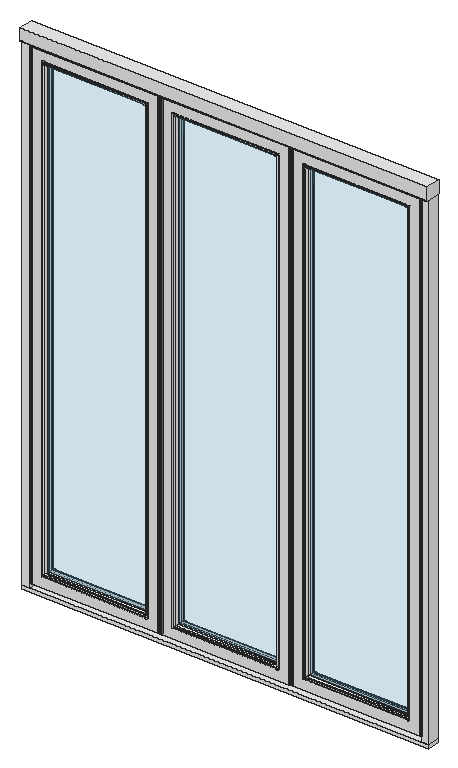
Revit family "Window-NanaWall-WA-67", category Windows, host Wall, Revit 2013 (continued)
Definition of nested family "Sill_WA-67"
  Definition of nested family "Sill_Nana_Walls-WD-67"
    Lines and regions (in)
      model lines, style "DetailComponents", in view "Ref. Level"
        curve 8: arc (-1.3189, 2.51969, 0) -> (-1.43025, 2.47356, 0) -> (-1.47638, 2.3622, 0) r 0.15748
        curve 9: arc (-1.29921, 2.5, 0) -> (-1.30498, 2.51392, 0) -> (-1.3189, 2.51969, 0) r 0.01969
        curve 10: arc (-1.39764, 1.10236, 0) -> (-1.36304, 1.01885, 0) -> (-1.27953, 0.98425, 0) r 0.11811
        curve 11: arc (-0.33465, 1.53543, 0) -> (-0.37402, 1.5748, 0) -> (-0.41339, 1.53543, 0) r 0.03937
        curve 12: line (0.35433, 0.56774, 0) -> (0.45276, 0.5315, 0)
        curve 13: line (0.45276, 0.5315, 0) -> (0.45276, 0.72047, 0)
        curve 14: line (0.45276, 0.72047, 0) -> (0.33517, 0.65354, 0)
        curve 15: line (0.33517, 0.65354, 0) -> (0.05906, 0.65354, 0)
        curve 16: line (0.05906, 0.65354, 0) -> (-0.21706, 0.65354, 0)
        curve 17: line (-0.21706, 0.65354, 0) -> (-0.33465, 0.72047, 0)
        curve 18: line (-0.33465, 0.72047, 0) -> (-0.33465, 0.5315, 0)
        curve 19: line (-0.33465, 0.5315, 0) -> (-0.23622, 0.56774, 0)
        curve 20: line (-0.23622, 0.56774, 0) -> (-0.21706, 0.5748, 0)
        curve 21: line (-0.21706, 0.5748, 0) -> (0.05906, 0.5748, 0)
        curve 22: line (0.05906, 0.5748, 0) -> (0.33517, 0.5748, 0)
        curve 23: line (0.33517, 0.5748, 0) -> (0.35433, 0.56774, 0)
        curve 24: line (0.35433, 0.56774, 0) -> (0.35433, 0.45276, 0)
        curve 25: line (0.35433, 0.45276, 0) -> (0.45276, 0.45276, 0)
        curve 26: line (0.45276, 0.45276, 0) -> (0.45276, 0.33465, 0)
        curve 27: line (0.45276, 0.33465, 0) -> (0.35433, 0.33465, 0)
        curve 28: line (0.35433, 0.33465, 0) -> (0.35433, 0.21966, 0)
        curve 29: line (0.35433, 0.21966, 0) -> (0.33517, 0.2126, 0)
        curve 30: line (0.33517, 0.2126, 0) -> (0.05906, 0.2126, 0)
        curve 31: line (0.05906, 0.2126, 0) -> (-0.21706, 0.2126, 0)
        curve 32: line (-0.21706, 0.2126, 0) -> (-0.23622, 0.21966, 0)
        curve 33: line (-0.23622, 0.21966, 0) -> (-0.33465, 0.25591, 0)
        curve 34: line (-0.33465, 0.25591, 0) -> (-0.33465, 0.06693, 0)
        curve 35: line (-0.33465, 0.06693, 0) -> (-0.21706, 0.13386, 0)
        curve 36: line (-0.21706, 0.13386, 0) -> (0.05906, 0.13386, 0)
        curve 37: line (0.05906, 0.13386, 0) -> (0.33517, 0.13386, 0)
        curve 38: line (0.33517, 0.13386, 0) -> (0.3532, 0.12359, 0)
        curve 39: line (0.3532, 0.12359, 0) -> (0.36402, 0, 0)
        curve 40: line (0.36402, 0, 0) -> (0.5315, 0, 0)
        curve 41: line (0.5315, 0, 0) -> (0.5315, 0.18898, 0)
        curve 42: line (0.5315, 0.18898, 0) -> (0.72835, 0.18898, 0)
        curve 43: line (0.72835, 0.18898, 0) -> (0.72835, 0, 0)
        curve 44: line (0.72835, 0, 0) -> (0.86614, 0, 0)
        curve 45: line (0.86614, 0, 0) -> (0.86614, 0.05906, 0)
        curve 46: line (0.86614, 0.05906, 0) -> (0.7874, 0.05906, 0)
        curve 47: line (0.7874, 0.05906, 0) -> (0.7874, 0.18898, 0)
        curve 48: line (0.7874, 0.18898, 0) -> (1.2874, 0.18898, 0)
        curve 49: line (1.2874, 0.18898, 0) -> (1.2874, 0.05906, 0)
        curve 50: line (1.2874, 0.05906, 0) -> (1.16142, 0.05906, 0)
        curve 51: line (1.16142, 0.05906, 0) -> (1.16142, 0, 0)
        curve 52: line (1.16142, 0, 0) -> (1.35827, 0, 0)
        curve 53: line (1.35827, 0, 0) -> (1.35827, 0.98425, 0)
        curve 54: line (1.35827, 0.98425, 0) -> (0.5315, 0.98425, 0)
        curve 55: line (0.5315, 0.98425, 0) -> (0.5315, 1.47638, 0)
        curve 56: line (0.61024, 1.47638, 0) -> (0.61024, 1.69291, 0)
        curve 57: line (0.45276, 1.69291, 0) -> (0.45276, 0.77633, 0)
        curve 58: line (0.45276, 0.77633, 0) -> (0.37157, 0.78343, 0)
        curve 59: line (0.36304, 0.77628, 0) -> (0.3532, 0.66381, 0)
        curve 60: line (1.2874, 0.25591, 0) -> (1.2874, 0.91732, 0)
        curve 61: line (1.2874, 0.91732, 0) -> (0.5315, 0.91732, 0)
        curve 62: line (0.5315, 0.91732, 0) -> (0.5315, 0.25591, 0)
        curve 63: line (0.5315, 0.25591, 0) -> (1.2874, 0.25591, 0)
        curve 64: line (0.35433, 0.21966, 0) -> (0.45276, 0.25591, 0)
        curve 65: line (0.45276, 0.25591, 0) -> (0.45276, 0.06693, 0)
        curve 66: line (0.45276, 0.06693, 0) -> (0.3532, 0.12359, 0)
        curve 67: line (-0.23509, 0.66381, 0) -> (-0.24493, 0.77628, 0)
        curve 68: line (-0.25346, 0.78343, 0) -> (-0.33465, 0.77633, 0)
        curve 69: line (-0.33465, 0.77633, 0) -> (-0.33465, 1.53543, 0)
        curve 70: line (-0.23509, 0.12359, 0) -> (-0.24591, 0, 0)
        curve 71: line (-0.24591, 0, 0) -> (-0.41339, 0, 0)
        curve 72: line (-0.41339, 0, 0) -> (-0.41339, 0.18898, 0)
        curve 73: line (-0.41339, 0.18898, 0) -> (-0.61024, 0.18898, 0)
        curve 74: line (-0.61024, 0.18898, 0) -> (-0.61024, 0, 0)
        curve 75: line (-0.61024, 0, 0) -> (-0.74803, 0, 0)
        curve 76: line (-0.74803, 0, 0) -> (-0.74803, 0.05906, 0)
        curve 77: line (-0.74803, 0.05906, 0) -> (-0.66929, 0.05906, 0)
        curve 78: line (-0.66929, 0.05906, 0) -> (-0.66929, 0.18898, 0)
        curve 79: line (-0.66929, 0.18898, 0) -> (-1.16929, 0.18898, 0)
        curve 80: line (-1.16929, 0.18898, 0) -> (-1.16929, 0.05906, 0)
        curve 81: line (-1.16929, 0.05906, 0) -> (-1.04331, 0.05906, 0)
        curve 82: line (-1.04331, 0.05906, 0) -> (-1.04331, 0, 0)
        curve 83: line (-1.04331, 0, 0) -> (-1.24016, 0, 0)
        curve 84: line (-1.24016, 0, 0) -> (-1.24016, 0.86614, 0)
        curve 85: line (-1.47638, 1.10236, 0) -> (-1.47638, 2.3622, 0)
        curve 86: line (-1.29921, 2.5, 0) -> (-1.29921, 2.40157, 0)
        curve 87: line (-1.29921, 2.40157, 0) -> (-1.33858, 2.40157, 0)
        curve 88: line (-1.33858, 2.40157, 0) -> (-1.33858, 2.44882, 0)
        curve 89: line (-1.33858, 2.44882, 0) -> (-1.38976, 2.44882, 0)
        curve 90: line (-1.38976, 2.44882, 0) -> (-1.38976, 2.23228, 0)
        curve 91: line (-1.38976, 2.23228, 0) -> (-1.33858, 2.23228, 0)
        curve 92: line (-1.33858, 2.23228, 0) -> (-1.33858, 2.27953, 0)
        curve 93: line (-1.33858, 2.27953, 0) -> (-1.29921, 2.27953, 0)
        curve 94: line (-1.29921, 2.27953, 0) -> (-1.29921, 2.19291, 0)
        curve 95: line (-1.29921, 2.19291, 0) -> (-1.39764, 2.19291, 0)
        curve 96: line (-1.39764, 2.19291, 0) -> (-1.39764, 1.10236, 0)
        curve 97: line (-1.27953, 0.98425, 0) -> (-0.41339, 0.98425, 0)
        curve 98: line (-0.41339, 0.98425, 0) -> (-0.41339, 1.53543, 0)
        curve 99: line (-1.16929, 0.25591, 0) -> (-1.16929, 0.91732, 0)
        curve 100: line (-1.16929, 0.91732, 0) -> (-0.41339, 0.91732, 0)
        curve 101: line (-0.41339, 0.91732, 0) -> (-0.41339, 0.25591, 0)
        curve 102: line (-0.41339, 0.25591, 0) -> (-1.16929, 0.25591, 0)
        curve 327: line (-1.38976, 2.43504, 0) -> (-1.38976, 2.24606, 0)
        curve 333: line (-1.38976, 2.43504, 0) -> (-1.38976, 2.24606, 0)
      model lines, style "DetailComponents", in view "Ref. Level", visible <- "Half"
        curve 103: arc (0.63055, 5.2426, 0) -> (0.52991, 5.28696, 0) -> (0.42258, 5.31099, 0) r 0.56487
        curve 104: arc (0.43939, 5.01883, 0) -> (0.44273, 5.04333, 0) -> (0.4395, 5.06785, 0) r 0.09317
        curve 105: arc (0.55005, 5.01635, 0) -> (0.56716, 5.02197, 0) -> (0.58245, 5.03149, 0) r 0.07522
        curve 106: arc (0.45876, 4.93422, 0) -> (0.54357, 4.94717, 0) -> (0.59055, 5.01894, 0) r 0.10523
        curve 107: arc (0.53717, 5.03321, 0) -> (0.53835, 5.02076, 0) -> (0.55005, 5.01635, 0) r 0.01181
        curve 108: arc (0.43011, 4.9851, 0) -> (0.43396, 4.95376, 0) -> (0.45876, 4.93422, 0) r 0.04145
        curve 109: arc (0.59055, 5.02751, 0) -> (0.58745, 5.03144, 0) -> (0.58245, 5.03149, 0) r 0.0058
        curve 110: arc (0.42126, 5.2029, 0) -> (0.41501, 5.19981, 0) -> (0.41366, 5.19297, 0) r 0.00787
        curve 111: arc (0.42126, 5.0947, 0) -> (0.41501, 5.09161, 0) -> (0.41366, 5.08477, 0) r 0.00787
        curve 112: arc (0.62611, 5.23038, 0) -> (0.63444, 5.23426, 0) -> (0.63055, 5.2426, 0) r 0.0065
        curve 113: arc (0.61697, 5.2337, 0) -> (0.60024, 5.23216, 0) -> (0.59079, 5.21826, 0) r 0.01969
        curve 114: arc (0.5887, 5.15369, 0) -> (0.58982, 5.16208, 0) -> (0.58268, 5.16664, 0) r 0.00787
        curve 115: arc (0.5887, 5.10591, 0) -> (0.58982, 5.11431, 0) -> (0.58268, 5.11886, 0) r 0.00787
        curve 116: arc (0.58972, 5.05969, 0) -> (0.58937, 5.06735, 0) -> (0.58268, 5.07108, 0) r 0.00787
        curve 117: arc (0.42258, 5.31099, 0) -> (0.41618, 5.30924, 0) -> (0.41339, 5.30322, 0) r 0.00787
        curve 118: arc (-0.77559, 4.2126, 0) -> (-0.80343, 4.20107, 0) -> (-0.81496, 4.17323, 0) r 0.03937
        curve 119: arc (-0.374, 4.05512, 0) -> (-0.34844, 4.05792, 0) -> (-0.32409, 4.06618, 0) r 0.11811
        curve 120: arc (-0.64961, 4.09449, 0) -> (-0.64071, 4.06956, 0) -> (-0.61804, 4.0559, 0) r 0.03937
        curve 121: arc (-0.81496, 4.16142, 0) -> (-0.81265, 4.15585, 0) -> (-0.80709, 4.15354, 0) r 0.00787
        curve 122: arc (-0.34252, 4.46063, 0) -> (-0.38051, 4.48986, 0) -> (-0.42376, 4.51052, 0) r 0.22835
        curve 123: arc (-0.25591, 4.39764, 0) -> (-0.25014, 4.38372, 0) -> (-0.23622, 4.37795, 0) r 0.01969
        curve 124: arc (0.00572, 4.21998, 0) -> (0.03885, 4.24903, 0) -> (0.05118, 4.29134, 0) r 0.07874
        curve 125: arc (0.05118, 4.42126, 0) -> (0.03965, 4.4491, 0) -> (0.01181, 4.46063, 0) r 0.03937
        curve 126: arc (-0.23622, 4.46063, 0) -> (-0.25014, 4.45486, 0) -> (-0.25591, 4.44094, 0) r 0.01969
        curve 127: arc (-0.79189, 4.30313, 0) -> (-0.80302, 4.29044, 0) -> (-0.79555, 4.27531, 0) r 0.01519
        curve 128: arc (-0.76969, 4.26037, 0) -> (-0.76575, 4.26037, 0) -> (-0.76378, 4.26378, 0) r 0.00394
        curve 129: arc (-0.62992, 4.33071, 0) -> (-0.64384, 4.32494, 0) -> (-0.64961, 4.31102, 0) r 0.01969
        curve 130: arc (-0.57624, 4.51052, 0) -> (-0.61949, 4.48986, 0) -> (-0.65748, 4.46063, 0) r 0.22835
        curve 131: line (-0.43336, 4.51055, 0) -> (-0.42376, 4.51052, 0)
        curve 132: line (-0.57624, 4.51052, 0) -> (-0.56664, 4.51055, 0)
        curve 133: line (-0.53688, 4.51055, 0) -> (-0.46312, 4.51055, 0)
        curve 134: arc (-1.03543, 2.66732, 0) -> (-1.01237, 2.61165, 0) -> (-0.95669, 2.58858, 0) r 0.07874
        curve 135: arc (-1.0748, 2.97835, 0) -> (-1.04696, 2.98988, 0) -> (-1.03543, 3.01772, 0) r 0.03937
        curve 136: arc (-1.03543, 3.37205, 0) -> (-1.04696, 3.39989, 0) -> (-1.0748, 3.41142, 0) r 0.03937
        curve 137: arc (-1.08276, 3.61599, 0) -> (-1.09198, 3.63826, 0) -> (-1.11425, 3.64749, 0) r 0.0315
        curve 138: arc (-1.16156, 3.44964, 0) -> (-1.13989, 3.4219, 0) -> (-1.1063, 3.41142, 0) r 0.05906
        curve 139: arc (-1.13394, 3.64749, 0) -> (-1.14999, 3.64309, 0) -> (-1.16156, 3.63113, 0) r 0.0315
        curve 140: line (-1.16156, 3.6018, 0) -> (-1.13386, 3.61937, 0)
        curve 141: line (-1.11417, 3.61937, 0) -> (-1.08268, 3.5856, 0)
        curve 142: arc (-1.11417, 2.74213, 0) -> (-1.0919, 2.75135, 0) -> (-1.08268, 2.77362, 0) r 0.0315
        curve 143: arc (-1.16156, 2.75863, 0) -> (-1.14998, 2.74656, 0) -> (-1.13386, 2.74213, 0) r 0.0315
        curve 144: arc (-1.1063, 2.97835, 0) -> (-1.13989, 2.96786, 0) -> (-1.16156, 2.94012, 0) r 0.05906
        curve 145: line (-1.13386, 2.7704, 0) -> (-1.16156, 2.78796, 0)
        curve 146: line (-1.08268, 2.80416, 0) -> (-1.11417, 2.7704, 0)
        curve 147: line (-0.60585, 2.74, 0) -> (-0.5859, 2.72808, 0)
        curve 148: line (-0.5859, 2.72467, 0) -> (-0.60345, 2.71419, 0)
        curve 149: line (-0.5859, 2.72808, 0) -> (-0.73693, 2.75223, 0)
        curve 150: line (-0.60394, 2.715, 0) -> (-0.71698, 2.7403, 0)
        curve 151: line (-0.71698, 2.7403, 0) -> (-0.73693, 2.75223, 0)
        curve 152: line (-0.68911, 2.75591, 0) -> (-0.60585, 2.74, 0)
        curve 153: arc (-0.8189, 2.5374, 0) -> (-0.78091, 2.50817, 0) -> (-0.73766, 2.48751, 0) r 0.22835
        curve 154: line (-0.72654, 2.70669, 0) -> (-0.7189, 2.7113, 0)
        curve 155: line (-0.72806, 2.48749, 0) -> (-0.73766, 2.48751, 0)
        curve 156: line (-0.62454, 2.48749, 0) -> (-0.6983, 2.48749, 0)
        curve 157: arc (-0.58517, 2.48751, 0) -> (-0.54192, 2.50817, 0) -> (-0.50394, 2.5374, 0) r 0.22835
        curve 158: arc (-0.50394, 2.62795, 0) -> (-0.527, 2.68363, 0) -> (-0.58268, 2.70669, 0) r 0.07874
        curve 159: line (-0.58517, 2.48751, 0) -> (-0.59478, 2.48749, 0)
        curve 160: arc (-1.0047, 2.21266, 0) -> (-1.00816, 2.22101, 0) -> (-1.01651, 2.22447, 0) r 0.01181
        curve 161: arc (-1.08344, 2.22447, 0) -> (-1.09179, 2.22101, 0) -> (-1.09525, 2.21266, 0) r 0.01181
        curve 162: arc (-1.15233, 2.2347, 0) -> (-1.15784, 2.22141, 0) -> (-1.14643, 2.21266, 0) r 0.01181
        curve 163: arc (-1.13462, 2.20085, 0) -> (-1.13808, 2.2092, 0) -> (-1.14643, 2.21266, 0) r 0.01181
        curve 164: arc (-1.15498, 2.10608, 0) -> (-1.1422, 2.09755, 0) -> (-1.12714, 2.09455, 0) r 0.03937
        curve 165: arc (-1.1858, 2.16542, 0) -> (-1.19671, 2.15812, 0) -> (-1.19415, 2.14525, 0) r 0.01181
        curve 166: arc (-1.01651, 2.14179, 0) -> (-1.00816, 2.14525, 0) -> (-1.0047, 2.1536, 0) r 0.01181
        curve 167: arc (-1.09525, 2.1536, 0) -> (-1.09179, 2.14525, 0) -> (-1.08344, 2.14179, 0) r 0.01181
        curve 168: arc (-0.95351, 2.21266, 0) -> (-0.94211, 2.22141, 0) -> (-0.94761, 2.2347, 0) r 0.01181
        curve 169: arc (-0.95351, 2.21266, 0) -> (-0.96187, 2.2092, 0) -> (-0.96533, 2.20085, 0) r 0.01181
        curve 170: arc (-0.86626, 2.16542, 0) -> (-0.64173, 2.24468, 0) -> (-0.5321, 2.45606, 0) r 0.32382
        curve 171: arc (-0.73544, 2.10876, 0) -> (-0.56333, 2.24462, 0) -> (-0.49213, 2.452, 0) r 0.38872
        curve 172: arc (-0.49213, 2.46162, 0) -> (-0.51396, 2.47212, 0) -> (-0.5321, 2.45606, 0) r 0.02189
        curve 173: arc (0.57087, 2.4516, 0) -> (0.57395, 2.44535, 0) -> (0.58078, 2.44399, 0) r 0.00787
        curve 174: arc (0.5767, 2.48366, 0) -> (0.57249, 2.48085, 0) -> (0.57087, 2.47605, 0) r 0.00787
        curve 175: arc (0.72835, 2.47327, 0) -> (0.72527, 2.47952, 0) -> (0.71843, 2.48088, 0) r 0.00787
        curve 176: arc (0.72251, 2.44121, 0) -> (0.72672, 2.44402, 0) -> (0.72835, 2.44881, 0) r 0.00787
        curve 177: arc (0.76772, 2.5, 0) -> (0.76195, 2.51392, 0) -> (0.74803, 2.51969, 0) r 0.01969
        curve 178: arc (0.59055, 2.28346, 0) -> (0.57663, 2.2777, 0) -> (0.57087, 2.26378, 0) r 0.01969
        curve 179: arc (0.57087, 2.37008, 0) -> (0.57395, 2.36383, 0) -> (0.58078, 2.36247, 0) r 0.00787
        curve 180: arc (0.5767, 2.40214, 0) -> (0.57249, 2.39933, 0) -> (0.57087, 2.39453, 0) r 0.00787
        curve 181: arc (0.57087, 2.18504, 0) -> (0.57663, 2.17112, 0) -> (0.59055, 2.16535, 0) r 0.01969
        curve 182: arc (0.70866, 2.28346, 0) -> (0.72258, 2.28923, 0) -> (0.72835, 2.30315, 0) r 0.01969
        curve 183: arc (0.72835, 2.39175, 0) -> (0.72527, 2.398, 0) -> (0.71843, 2.39936, 0) r 0.00787
        curve 184: arc (0.62992, 1.60433, 0) -> (0.62008, 1.61417, 0) -> (0.61024, 1.60433, 0) r 0.00984
        curve 185: arc (0.63756, 1.57739, 0) -> (0.65519, 1.71702, 0) -> (0.61024, 1.85039, 0) r 0.31496
        curve 186: arc (0.66713, 1.56656, 0) -> (0.68825, 1.68566, 0) -> (0.66713, 1.80476, 0) r 0.34646
        curve 187: arc (0.67336, 1.80913, 0) -> (0.66857, 1.80934, 0) -> (0.66713, 1.80476, 0) r 0.00394
        curve 188: arc (0.63386, 1.54331, 0) -> (0.65415, 1.5497, 0) -> (0.66713, 1.56656, 0) r 0.03543
        curve 189: arc (0.62992, 1.57874, 0) -> (0.63317, 1.57486, 0) -> (0.63756, 1.57739, 0) r 0.00394
        curve 190: arc (0.61024, 1.46457, 0) -> (0.61445, 1.45759, 0) -> (0.62258, 1.45809, 0) r 0.00787
        curve 191: arc (0.75537, 1.45809, 0) -> (0.7635, 1.45759, 0) -> (0.76772, 1.46457, 0) r 0.00787
        curve 192: arc (-0.63126, 5.12529, 0) -> (-0.6159, 5.13978, 0) -> (-0.61024, 5.16012, 0) r 0.03937
        curve 193: arc (-0.85911, 5.14252, 0) -> (-0.86607, 5.12573, 0) -> (-0.8563, 5.1104, 0) r 0.01969
        curve 194: arc (-0.80709, 5.16929, 0) -> (-0.81163, 5.17643, 0) -> (-0.82002, 5.17532, 0) r 0.00787
        curve 195: arc (-0.66317, 5.29528, 0) -> (-0.66951, 5.29476, 0) -> (-0.67568, 5.29323, 0) r 0.03937
        curve 196: arc (-0.76143, 5.24228, 0) -> (-0.76608, 5.23573, 0) -> (-0.76772, 5.22786, 0) r 0.01969
        curve 197: arc (-0.67568, 5.29323, 0) -> (-0.72128, 5.27234, 0) -> (-0.76143, 5.24228, 0) r 0.23622
        curve 198: arc (-0.61024, 5.27559, 0) -> (-0.616, 5.28951, 0) -> (-0.62992, 5.29528, 0) r 0.01969
        curve 199: arc (-0.8563, 5.00771, 0) -> (-0.86607, 4.99238, 0) -> (-0.85911, 4.97559, 0) r 0.01969
        curve 200: arc (-0.80709, 5.07062, 0) -> (-0.80972, 5.08046, 0) -> (-0.81693, 5.08767, 0) r 0.01969
        curve 201: arc (-0.81693, 5.03044, 0) -> (-0.80972, 5.03765, 0) -> (-0.80709, 5.04749, 0) r 0.01969
        curve 202: arc (-0.82002, 4.94279, 0) -> (-0.81163, 4.94168, 0) -> (-0.80709, 4.94882, 0) r 0.00787
        curve 203: arc (-0.71118, 5.1, 0) -> (-0.67009, 5.10907, 0) -> (-0.63126, 5.12529, 0) r 0.23622
        curve 204: arc (-0.74803, 4.94094, 0) -> (-0.73411, 4.94671, 0) -> (-0.72835, 4.96063, 0) r 0.01969
        curve 205: arc (-0.71118, 5.1, 0) -> (-0.72344, 5.09348, 0) -> (-0.72835, 5.08048, 0) r 0.01969
        curve 206: line (0.41366, 5.30117, 0) -> (0.44021, 5.2029, 0)
        curve 207: line (0.44021, 5.2029, 0) -> (0.42126, 5.2029, 0)
        curve 208: line (0.53717, 5.03321, 0) -> (0.58972, 5.05969, 0)
        curve 209: line (0.43939, 5.01883, 0) -> (0.43011, 4.9851, 0)
        curve 210: line (0.59055, 5.01894, 0) -> (0.59055, 5.02751, 0)
        curve 211: line (0.58268, 5.11886, 0) -> (0.55933, 5.11886, 0)
        curve 212: line (0.55933, 5.11886, 0) -> (0.5887, 5.15369, 0)
        curve 213: line (0.58268, 5.07108, 0) -> (0.55933, 5.07108, 0)
        curve 214: line (0.55933, 5.07108, 0) -> (0.5887, 5.10591, 0)
        curve 215: line (0.41366, 5.08477, 0) -> (0.4395, 5.06785, 0)
        curve 216: line (0.41366, 5.19297, 0) -> (0.44021, 5.0947, 0)
        curve 217: line (0.44021, 5.0947, 0) -> (0.42126, 5.0947, 0)
        curve 218: line (0.61697, 5.2337, 0) -> (0.62611, 5.23038, 0)
        curve 219: line (0.59079, 5.21826, 0) -> (0.58268, 5.16664, 0)
        curve 220: line (-0.64961, 4.09449, 0) -> (-0.64961, 4.31102, 0)
        curve 221: line (0.00572, 4.21998, 0) -> (-0.32409, 4.06618, 0)
        curve 222: line (-0.61804, 4.0559, 0) -> (-0.374, 4.05512, 0)
        curve 223: line (-0.81496, 4.17323, 0) -> (-0.81496, 4.16142, 0)
        curve 224: line (-0.64961, 4.15354, 0) -> (-0.80709, 4.15354, 0)
        curve 225: line (-0.65748, 4.40945, 0) -> (-0.34252, 4.40945, 0)
        curve 226: line (-0.34252, 4.40945, 0) -> (-0.34252, 4.46063, 0)
        curve 227: line (-0.34252, 4.46063, 0) -> (-0.65748, 4.46063, 0)
        curve 228: line (-0.65748, 4.46063, 0) -> (-0.65748, 4.40945, 0)
        curve 229: line (-0.79189, 4.30313, 0) -> (-0.68898, 4.33071, 0)
        curve 230: line (-0.68898, 4.33071, 0) -> (-0.17717, 4.33071, 0)
        curve 231: line (-0.17717, 4.33071, 0) -> (-0.17717, 4.37795, 0)
        curve 232: line (-0.17717, 4.37795, 0) -> (-0.23622, 4.37795, 0)
        curve 233: line (0.05118, 4.29134, 0) -> (0.05118, 4.42126, 0)
        curve 234: line (-0.23622, 4.46063, 0) -> (0.01181, 4.46063, 0)
        curve 235: line (-0.25591, 4.39764, 0) -> (-0.25591, 4.44094, 0)
        curve 236: line (-0.76378, 4.26378, 0) -> (-0.76378, 4.28346, 0)
        curve 237: line (-0.76378, 4.28346, 0) -> (-0.68898, 4.28346, 0)
        curve 238: line (-0.68898, 4.28346, 0) -> (-0.68898, 4.2126, 0)
        curve 239: line (-0.68898, 4.2126, 0) -> (-0.77559, 4.2126, 0)
        curve 240: line (-0.76969, 4.26037, 0) -> (-0.79555, 4.27531, 0)
        curve 241: line (-0.46312, 4.51055, 0) -> (-0.46186, 4.51716, 0)
        curve 242: line (-0.46186, 4.51716, 0) -> (-0.45304, 4.51552, 0)
        curve 243: line (-0.45304, 4.51552, 0) -> (-0.44356, 4.51335, 0)
        curve 244: line (-0.44356, 4.51335, 0) -> (-0.43336, 4.51055, 0)
        curve 245: line (-1.08268, 3.61614, 0) -> (-1.08268, 3.49016, 0)
        curve 246: line (-1.08268, 3.49016, 0) -> (-0.86614, 3.49016, 0)
        curve 247: line (-0.86614, 3.49016, 0) -> (-0.86614, 2.70669, 0)
        curve 248: line (-1.03543, 2.70669, 0) -> (-0.58268, 2.70669, 0)
        curve 249: line (-1.03543, 3.37205, 0) -> (-1.03543, 3.01772, 0)
        curve 250: line (-1.03543, 3.09646, 0) -> (-1.16929, 3.09646, 0)
        curve 251: line (-1.16929, 3.09646, 0) -> (-1.16929, 3.29331, 0)
        curve 252: line (-1.16929, 3.29331, 0) -> (-1.03543, 3.29331, 0)
        curve 253: line (-1.16156, 3.44964, 0) -> (-1.16156, 3.63113, 0)
        curve 254: line (-1.11425, 3.64749, 0) -> (-1.13394, 3.64749, 0)
        curve 255: line (-1.11417, 3.61937, 0) -> (-1.13386, 3.61937, 0)
        curve 256: line (-1.0748, 3.41142, 0) -> (-1.1063, 3.41142, 0)
        curve 257: line (-1.0748, 2.97835, 0) -> (-1.1063, 2.97835, 0)
        curve 258: line (-1.16156, 2.94012, 0) -> (-1.16156, 2.75863, 0)
        curve 259: line (-1.03543, 2.66732, 0) -> (-1.03543, 2.73819, 0)
        curve 260: line (-1.03543, 2.73819, 0) -> (-1.03543, 2.8563, 0)
        curve 261: line (-1.03543, 2.8563, 0) -> (-1.03543, 2.89961, 0)
        curve 262: line (-1.03543, 2.89961, 0) -> (-1.08268, 2.89961, 0)
        curve 263: line (-1.08268, 2.89961, 0) -> (-1.08268, 2.77362, 0)
        curve 264: line (-1.11417, 2.74213, 0) -> (-1.13386, 2.74213, 0)
        curve 265: line (-1.11417, 2.7704, 0) -> (-1.13386, 2.7704, 0)
        curve 266: line (-0.8189, 2.58858, 0) -> (-0.8189, 2.5374, 0)
        curve 267: line (-0.8189, 2.5374, 0) -> (-0.50394, 2.5374, 0)
        curve 268: line (-0.50394, 2.5374, 0) -> (-0.50394, 2.58858, 0)
        curve 269: line (-0.50394, 2.62795, 0) -> (-0.50394, 2.58858, 0)
        curve 270: line (-0.50394, 2.58858, 0) -> (-0.95669, 2.58858, 0)
        curve 271: line (-0.7189, 2.7113, 0) -> (-0.7189, 2.74145, 0)
        curve 272: line (-0.60394, 2.73886, 0) -> (-0.60394, 2.75591, 0)
        curve 273: line (-0.60394, 2.70669, 0) -> (-0.60394, 2.715, 0)
        curve 274: line (-0.6983, 2.48749, 0) -> (-0.69956, 2.48087, 0)
        curve 275: line (-0.69956, 2.48087, 0) -> (-0.70841, 2.48252, 0)
        curve 276: line (-0.70841, 2.48252, 0) -> (-0.71789, 2.48469, 0)
        curve 277: line (-0.71789, 2.48469, 0) -> (-0.72806, 2.48749, 0)
        curve 278: line (-0.73544, 2.10876, 0) -> (-0.96771, 2.09455, 0)
        curve 279: line (-0.96771, 2.09455, 0) -> (-1.12714, 2.09455, 0)
        curve 280: line (-1.15498, 2.10608, 0) -> (-1.19415, 2.14525, 0)
        curve 281: line (-1.1858, 2.16542, 0) -> (-1.13462, 2.16542, 0)
        curve 282: line (-1.13462, 2.16542, 0) -> (-1.13462, 2.20085, 0)
        curve 283: line (-1.01651, 2.22447, 0) -> (-1.08344, 2.22447, 0)
        curve 284: line (-1.08344, 2.14179, 0) -> (-1.01651, 2.14179, 0)
        curve 285: line (-1.09525, 2.21266, 0) -> (-1.09525, 2.1536, 0)
        curve 286: line (-1.0047, 2.1536, 0) -> (-1.0047, 2.21266, 0)
        curve 287: line (-0.94761, 2.2347, 0) -> (-0.99808, 2.26384, 0)
        curve 288: line (-0.99808, 2.26384, 0) -> (-1.10186, 2.26384, 0)
        curve 289: line (-1.10186, 2.26384, 0) -> (-1.15233, 2.2347, 0)
        curve 290: line (-0.96533, 2.20085, 0) -> (-0.96533, 2.16542, 0)
        curve 291: line (-0.96533, 2.16542, 0) -> (-0.86626, 2.16542, 0)
        curve 292: line (0.74803, 2.51969, 0) -> (0.71116, 2.51969, 0)
        curve 293: line (0.71116, 2.51969, 0) -> (0.5767, 2.48366, 0)
        curve 294: line (0.58078, 2.44399, 0) -> (0.71843, 2.48088, 0)
        curve 295: line (0.57087, 2.4516, 0) -> (0.57087, 2.47605, 0)
        curve 296: line (0.72835, 2.47327, 0) -> (0.72835, 2.44881, 0)
        curve 297: line (0.70866, 2.28346, 0) -> (0.59055, 2.28346, 0)
        curve 298: line (0.72835, 2.20472, 0) -> (0.61024, 2.20472, 0)
        curve 299: line (0.61024, 2.20472, 0) -> (0.61024, 2.24409, 0)
        curve 300: line (0.61024, 2.24409, 0) -> (0.72835, 2.24409, 0)
        curve 301: line (0.72835, 2.24409, 0) -> (0.72835, 2.20472, 0)
        curve 302: line (0.72251, 2.44121, 0) -> (0.5767, 2.40214, 0)
        curve 303: line (0.58078, 2.36247, 0) -> (0.71843, 2.39936, 0)
        curve 304: line (0.57087, 2.37008, 0) -> (0.57087, 2.39453, 0)
        curve 305: line (0.57087, 2.18504, 0) -> (0.57087, 2.26378, 0)
        curve 306: line (0.61024, 1.85039, 0) -> (0.61024, 2.16535, 0)
        curve 307: line (0.61024, 2.16535, 0) -> (0.59055, 2.16535, 0)
        curve 308: line (0.72835, 2.39175, 0) -> (0.72835, 2.30315, 0)
        curve 309: line (0.64961, 2.04724, 0) -> (0.64961, 2.16535, 0)
        curve 310: line (0.64961, 2.16535, 0) -> (0.72835, 2.16535, 0)
        curve 311: line (0.72835, 2.16535, 0) -> (0.72835, 2.04724, 0)
        curve 312: line (0.72835, 2.04724, 0) -> (0.64961, 2.04724, 0)
        curve 313: line (0.64961, 1.85476, 0) -> (0.64961, 2.02756, 0)
        curve 314: line (0.64961, 2.02756, 0) -> (0.72835, 2.02756, 0)
        curve 315: line (0.72835, 2.02756, 0) -> (0.72835, 1.78869, 0)
        curve 316: line (0.72835, 1.78869, 0) -> (0.64961, 1.85476, 0)
        curve 317: line (0.61024, 1.46457, 0) -> (0.61024, 1.60433, 0)
        curve 318: line (0.62992, 1.60433, 0) -> (0.62992, 1.57874, 0)
        curve 319: line (0.67336, 1.80913, 0) -> (0.72835, 1.76299, 0)
        curve 320: line (0.72835, 1.76299, 0) -> (0.72835, 1.50067, 0)
        curve 321: line (0.72835, 1.50067, 0) -> (0.67913, 1.52786, 0)
        curve 322: line (0.67913, 1.52786, 0) -> (0.63386, 1.4898, 0)
        curve 323: line (0.63386, 1.4898, 0) -> (0.63386, 1.54331, 0)
        curve 324: line (0.75537, 1.45809, 0) -> (0.67913, 1.50394, 0)
        curve 325: line (0.67913, 1.50394, 0) -> (0.62258, 1.45809, 0)
        curve 326: line (0.76772, 2.5, 0) -> (0.76772, 1.46457, 0)
        curve 328: line (-1.38976, 2.24606, 0) -> (-1.35039, 2.24606, 0)
        curve 329: line (-1.35039, 2.24606, 0) -> (-1.35039, 2.43504, 0)
        curve 330: line (-1.35039, 2.43504, 0) -> (-1.38976, 2.43504, 0)
        curve 331: line (-1.35039, 2.24606, 0) -> (-1.35039, 2.43504, 0)
        curve 332: line (-1.35039, 2.43504, 0) -> (-1.38976, 2.43504, 0)
        curve 334: line (-1.38976, 2.24606, 0) -> (-1.35039, 2.24606, 0)
        curve 335: line (-1.23228, 2.40135, 0) -> (-1.35039, 2.38053, 0)
        curve 336: line (-1.35039, 2.38053, 0) -> (-1.23228, 2.40135, 0)
        curve 337: line (-1.23228, 2.38137, 0) -> (-1.35039, 2.36054, 0)
        curve 338: line (-1.35039, 2.36054, 0) -> (-1.23228, 2.38137, 0)
        curve 339: line (-1.23228, 2.36138, 0) -> (-1.35039, 2.34055, 0)
        curve 340: line (-1.35039, 2.34055, 0) -> (-1.23228, 2.31973, 0)
        curve 341: line (-1.23228, 2.31973, 0) -> (-1.35039, 2.34055, 0)
        curve 342: line (-1.35039, 2.34055, 0) -> (-1.23228, 2.34055, 0)
        curve 343: line (-1.23228, 2.34055, 0) -> (-1.35039, 2.34055, 0)
        curve 344: line (-1.35039, 2.34055, 0) -> (-1.23228, 2.36138, 0)
        curve 345: line (-1.23228, 2.29974, 0) -> (-1.35039, 2.32056, 0)
        curve 346: line (-1.35039, 2.32056, 0) -> (-1.23228, 2.29974, 0)
        curve 347: line (-1.23228, 2.27975, 0) -> (-1.35039, 2.30057, 0)
        curve 348: line (-1.35039, 2.30057, 0) -> (-1.23228, 2.27975, 0)
        curve 349: line (-0.80709, 5.16929, 0) -> (-0.80709, 5.1378, 0)
        curve 350: line (-0.80709, 5.1378, 0) -> (-0.76772, 5.1378, 0)
        curve 351: line (-0.76772, 5.1378, 0) -> (-0.80709, 5.1378, 0)
        curve 352: line (-0.82002, 5.17532, 0) -> (-0.85911, 5.14252, 0)
        curve 353: line (-0.62992, 5.29528, 0) -> (-0.66317, 5.29528, 0)
        curve 354: line (-0.76772, 5.22786, 0) -> (-0.76772, 5.1378, 0)
        curve 355: line (-0.61024, 5.16012, 0) -> (-0.61024, 5.27559, 0)
        curve 356: line (-0.81693, 5.03044, 0) -> (-0.8563, 5.00771, 0)
        curve 357: line (-0.80709, 4.94882, 0) -> (-0.80709, 4.98031, 0)
        curve 358: line (-0.80709, 5.07062, 0) -> (-0.80709, 5.04749, 0)
        curve 359: line (-0.85911, 4.97559, 0) -> (-0.82002, 4.94279, 0)
        curve 360: line (-0.8563, 5.1104, 0) -> (-0.81693, 5.08767, 0)
        curve 361: line (-0.76772, 4.98031, 0) -> (-0.80709, 4.98031, 0)
        curve 362: line (-0.80709, 4.98031, 0) -> (-0.76772, 4.98031, 0)
        curve 363: line (-0.76772, 4.98031, 0) -> (-0.76772, 4.94094, 0)
        curve 364: line (-0.76772, 4.94094, 0) -> (-0.74803, 4.94094, 0)
        curve 365: line (-0.72835, 4.96063, 0) -> (-0.72835, 5.08048, 0)
        curve 366: line (-0.59478, 2.48749, 0) -> (-0.60495, 2.48469, 0)
        curve 367: line (-0.60495, 2.48469, 0) -> (-0.61443, 2.48252, 0)
        curve 368: line (-0.61443, 2.48252, 0) -> (-0.62328, 2.48087, 0)
        curve 369: line (-0.62328, 2.48087, 0) -> (-0.62454, 2.48749, 0)
        curve 370: line (-0.56664, 4.51055, 0) -> (-0.55644, 4.51335, 0)
        curve 371: line (-0.55644, 4.51335, 0) -> (-0.54696, 4.51552, 0)
        curve 372: line (-0.54696, 4.51552, 0) -> (-0.53814, 4.51716, 0)
        curve 373: line (-0.53814, 4.51716, 0) -> (-0.53688, 4.51055, 0)
        curve 374: line (-1.24016, 4.52756, 0) -> (1.35827, 4.52756, 0)
        curve 375: line (1.35827, 4.52756, 0) -> (1.35827, 1.45669, 0)
        curve 376: line (1.35827, 1.45669, 0) -> (-1.24016, 1.45669, 0)
        curve 377: line (-1.24016, 1.45669, 0) -> (-1.24016, 4.52756, 0)
        curve 378: arc (-0.96457, 2.18504, 0) -> (-0.9588, 2.17112, 0) -> (-0.94488, 2.16535, 0) r 0.01969
        curve 379: arc (-1.15987, 2.16542, 0) -> (-1.14696, 2.17168, 0) -> (-1.14173, 2.18504, 0) r 0.01969
        curve 380: arc (-1.1811, 2.35433, 0) -> (-1.19502, 2.34857, 0) -> (-1.20079, 2.33465, 0) r 0.01969
        curve 381: arc (-1.15551, 2.27559, 0) -> (-1.16128, 2.28951, 0) -> (-1.1752, 2.29528, 0) r 0.01969
        curve 382: arc (-0.86614, 2.35433, 0) -> (-0.88574, 2.40166, 0) -> (-0.93307, 2.42126, 0) r 0.06693
        curve 383: arc (-0.90551, 2.33465, 0) -> (-0.91128, 2.34857, 0) -> (-0.9252, 2.35433, 0) r 0.01969
        curve 384: arc (-0.9311, 2.29528, 0) -> (-0.94502, 2.28951, 0) -> (-0.95079, 2.27559, 0) r 0.01969
        curve 385: arc (-1.10236, 2.67717, 0) -> (-1.0606, 2.69446, 0) -> (-1.04331, 2.73622, 0) r 0.05906
        curve 386: arc (-1.06299, 4.52756, 0) -> (-1.07691, 4.52179, 0) -> (-1.08268, 4.50787, 0) r 0.01969
        curve 387: arc (-0.98425, 4.48819, 0) -> (-0.96457, 4.50787, 0) -> (-0.98425, 4.52756, 0) r 0.01969
        curve 388: arc (-0.84646, 4.25984, 0) -> (-0.83493, 4.232, 0) -> (-0.80709, 4.22047, 0) r 0.03937
        curve 389: arc (-0.70912, 4.22047, 0) -> (-0.68966, 4.2354, 0) -> (-0.69905, 4.25807, 0) r 0.02015
        curve 390: arc (-0.25591, 4.52756, 0) -> (-0.29766, 4.51026, 0) -> (-0.31496, 4.4685, 0) r 0.05906
        curve 391: arc (-0.19685, 4.33858, 0) -> (-0.17717, 4.35827, 0) -> (-0.19685, 4.37795, 0) r 0.01969
        curve 392: arc (-1.04331, 3.65354, 0) -> (-1.0606, 3.6953, 0) -> (-1.10236, 3.7126, 0) r 0.05906
        curve 393: arc (-0.8189, 4.88976, 0) -> (-0.78271, 4.90475, 0) -> (-0.76772, 4.94094, 0) r 0.05118
        curve 394: arc (-0.94488, 4.94882, 0) -> (-0.92759, 4.90706, 0) -> (-0.88583, 4.88976, 0) r 0.05906
        curve 395: arc (-0.96457, 5.16535, 0) -> (-1.10933, 5.10539, 0) -> (-1.16929, 4.96063, 0) r 0.20472
        curve 396: arc (-0.96457, 5.23622, 0) -> (-1.15944, 5.1555, 0) -> (-1.24016, 4.96063, 0) r 0.27559
        curve 397: arc (-0.94488, 5.15748, 0) -> (-0.94719, 5.16305, 0) -> (-0.95276, 5.16535, 0) r 0.00787
        curve 398: arc (-1.04331, 4.83465, 0) -> (-1.0606, 4.8764, 0) -> (-1.10236, 4.8937, 0) r 0.05906
        curve 399: arc (-0.86614, 2.85433, 0) -> (-0.83731, 2.78473, 0) -> (-0.76772, 2.75591, 0) r 0.09843
        curve 400: arc (0.76772, 1.55512, 0) -> (0.79654, 1.48552, 0) -> (0.86614, 1.45669, 0) r 0.09843
        curve 401: arc (1.25984, 1.45669, 0) -> (1.32944, 1.48552, 0) -> (1.35827, 1.55512, 0) r 0.09843
        curve 402: arc (1.35827, 4.44882, 0) -> (1.33521, 4.5045, 0) -> (1.27953, 4.52756, 0) r 0.07874
        curve 403: arc (1.35827, 4.44882, 0) -> (1.33521, 4.5045, 0) -> (1.27953, 4.52756, 0) r 0.07874
        curve 404: arc (0.8887, 4.51129, 0) -> (0.88196, 4.52295, 0) -> (0.86931, 4.52756, 0) r 0.01969
        curve 405: arc (0.90031, 4.4454, 0) -> (0.90705, 4.43374, 0) -> (0.9197, 4.42913, 0) r 0.01969
        curve 406: arc (1.07951, 4.52756, 0) -> (1.06686, 4.52295, 0) -> (1.06012, 4.51129, 0) r 0.01969
        curve 407: arc (1.02912, 4.42913, 0) -> (1.04177, 4.43374, 0) -> (1.04851, 4.4454, 0) r 0.01969
        curve 408: line (-0.94488, 2.16535, 0) -> (-0.86614, 2.16535, 0)
        curve 409: line (-0.86614, 2.16535, 0) -> (-0.86614, 2.35433, 0)
        curve 410: line (-1.24016, 4.96063, 0) -> (-1.24016, 2.16535, 0)
        curve 411: line (-1.24016, 2.16535, 0) -> (-1.16142, 2.16535, 0)
        curve 412: line (-0.93307, 2.42126, 0) -> (-1.16929, 2.42126, 0)
        curve 413: line (-1.16929, 2.42126, 0) -> (-1.16929, 2.67717, 0)
        curve 414: line (-1.16929, 2.67717, 0) -> (-1.10236, 2.67717, 0)
        curve 415: line (-1.1811, 2.35433, 0) -> (-0.9252, 2.35433, 0)
        curve 416: line (-1.14173, 2.18504, 0) -> (-1.14173, 2.20472, 0)
        curve 417: line (-1.14173, 2.20472, 0) -> (-1.20079, 2.20472, 0)
        curve 418: line (-1.20079, 2.20472, 0) -> (-1.20079, 2.25591, 0)
        curve 419: line (-1.20079, 2.25591, 0) -> (-1.15551, 2.25591, 0)
        curve 420: line (-1.15551, 2.25591, 0) -> (-1.15551, 2.27559, 0)
        curve 421: line (-1.1752, 2.29528, 0) -> (-1.20079, 2.29528, 0)
        curve 422: line (-1.20079, 2.29528, 0) -> (-1.20079, 2.33465, 0)
        curve 423: line (-0.95079, 2.27559, 0) -> (-0.95079, 2.25591, 0)
        curve 424: line (-0.95079, 2.25591, 0) -> (-0.90551, 2.25591, 0)
        curve 425: line (-0.90551, 2.25591, 0) -> (-0.90551, 2.20472, 0)
        curve 426: line (-0.90551, 2.20472, 0) -> (-0.96457, 2.20472, 0)
        curve 427: line (-0.96457, 2.20472, 0) -> (-0.96457, 2.18504, 0)
        curve 428: line (-0.90551, 2.33465, 0) -> (-0.90551, 2.29528, 0)
        curve 429: line (-0.90551, 2.29528, 0) -> (-0.9311, 2.29528, 0)
        curve 430: line (-1.10236, 3.7126, 0) -> (-1.16929, 3.7126, 0)
        curve 431: line (-1.16929, 3.7126, 0) -> (-1.16929, 4.33858, 0)
        curve 432: line (-1.16929, 4.33858, 0) -> (-0.84646, 4.33858, 0)
        curve 433: line (-0.84646, 4.33858, 0) -> (-0.84646, 4.25984, 0)
        curve 434: line (-0.70912, 4.22047, 0) -> (-0.80709, 4.22047, 0)
        curve 435: line (-0.19685, 4.33858, 0) -> (-0.80709, 4.33858, 0)
        curve 436: line (-0.80709, 4.33858, 0) -> (-0.80709, 4.25984, 0)
        curve 437: line (-0.80709, 4.25984, 0) -> (-0.74803, 4.25984, 0)
        curve 438: line (-0.74803, 4.25984, 0) -> (-0.74803, 4.27953, 0)
        curve 439: line (-1.06299, 4.52756, 0) -> (-0.98425, 4.52756, 0)
        curve 440: line (-0.98425, 4.48819, 0) -> (-1.04331, 4.48819, 0)
        curve 441: line (-1.04331, 4.48819, 0) -> (-1.04331, 4.40945, 0)
        curve 442: line (-1.04331, 4.40945, 0) -> (-0.51258, 4.40945, 0)
        curve 443: line (-0.51258, 4.40945, 0) -> (-0.49213, 4.39764, 0)
        curve 444: line (-0.49213, 4.39764, 0) -> (-0.47167, 4.40945, 0)
        curve 445: line (-0.47167, 4.40945, 0) -> (-0.31496, 4.40945, 0)
        curve 446: line (-0.74304, 4.28346, 0) -> (-0.69905, 4.25807, 0)
        curve 447: line (-0.31496, 4.40945, 0) -> (-0.31496, 4.4685, 0)
        curve 448: line (-0.25591, 4.52756, 0) -> (-0.17717, 4.52756, 0)
        curve 449: line (-0.17717, 4.52756, 0) -> (-0.17717, 4.4685, 0)
        curve 450: line (-0.17717, 4.4685, 0) -> (-0.25591, 4.4685, 0)
        curve 451: line (-0.25591, 4.4685, 0) -> (-0.25591, 4.37795, 0)
        curve 452: line (-0.25591, 4.37795, 0) -> (-0.19685, 4.37795, 0)
        curve 453: line (-1.04331, 3.65354, 0) -> (-1.04331, 3.53543, 0)
        curve 454: line (-1.04331, 3.53543, 0) -> (-1.08268, 3.53543, 0)
        curve 455: line (-1.08268, 3.53543, 0) -> (-1.08268, 3.65354, 0)
        curve 456: line (-1.08268, 3.65354, 0) -> (-1.16929, 3.65354, 0)
        curve 457: line (-1.16929, 3.65354, 0) -> (-1.16929, 2.73622, 0)
        curve 458: line (-1.16929, 2.73622, 0) -> (-1.08268, 2.73622, 0)
        curve 459: line (-1.08268, 2.73622, 0) -> (-1.08268, 2.85433, 0)
        curve 460: line (-1.08268, 2.85433, 0) -> (-1.04331, 2.85433, 0)
        curve 461: line (-1.04331, 2.85433, 0) -> (-1.04331, 2.73622, 0)
        curve 462: line (-0.76772, 4.94094, 0) -> (-0.76772, 4.98031, 0)
        curve 463: line (-0.76772, 4.98031, 0) -> (-0.80709, 4.98031, 0)
        curve 464: line (-0.80709, 4.98031, 0) -> (-0.76772, 4.98031, 0)
        curve 465: line (-0.76772, 4.98031, 0) -> (-0.76772, 4.94094, 0)
        curve 466: line (-0.76772, 5.22786, 0) -> (-0.76772, 5.1378, 0)
        curve 467: line (-0.76772, 5.1378, 0) -> (-0.76772, 5.23622, 0)
        curve 468: line (-0.76772, 5.23622, 0) -> (-0.96457, 5.23622, 0)
        curve 469: line (-1.10236, 4.8937, 0) -> (-1.16929, 4.8937, 0)
        curve 470: line (-1.16929, 4.8937, 0) -> (-1.16929, 4.96063, 0)
        curve 471: line (-0.96457, 5.16535, 0) -> (-0.95276, 5.16535, 0)
        curve 472: line (-0.94488, 5.15748, 0) -> (-0.94488, 4.94882, 0)
        curve 473: line (-0.80709, 4.94882, 0) -> (-0.80709, 4.98031, 0)
        curve 474: line (-0.80709, 4.98031, 0) -> (-0.80709, 4.94094, 0)
        curve 475: line (-0.80709, 4.94094, 0) -> (-0.88583, 4.94094, 0)
        curve 476: line (-0.88583, 4.94094, 0) -> (-0.88583, 5.17717, 0)
        curve 477: line (-0.88583, 5.17717, 0) -> (-0.80709, 5.17717, 0)
        curve 478: line (-0.80709, 5.17717, 0) -> (-0.80709, 5.1378, 0)
        curve 479: line (-0.80709, 5.1378, 0) -> (-0.76772, 5.1378, 0)
        curve 480: line (-0.76772, 5.1378, 0) -> (-0.80709, 5.1378, 0)
        curve 481: line (-0.80709, 5.1378, 0) -> (-0.80709, 5.16929, 0)
        curve 482: line (-1.04331, 4.83465, 0) -> (-1.04331, 4.75591, 0)
        curve 483: line (-1.04331, 4.75591, 0) -> (-1.08268, 4.75591, 0)
        curve 484: line (-1.08268, 4.75591, 0) -> (-1.08268, 4.83465, 0)
        curve 485: line (-1.08268, 4.83465, 0) -> (-1.16929, 4.83465, 0)
        curve 486: line (-1.16929, 4.83465, 0) -> (-1.16929, 4.42913, 0)
        curve 487: line (-1.16929, 4.42913, 0) -> (-1.08268, 4.42913, 0)
        curve 488: line (-1.08268, 4.42913, 0) -> (-1.08268, 4.50787, 0)
        curve 489: line (-0.88583, 4.88976, 0) -> (-0.8189, 4.88976, 0)
        curve 490: line (1.35827, 1.55512, 0) -> (1.35827, 4.44882, 0)
        curve 491: line (0.86931, 4.52756, 0) -> (0.05906, 4.52756, 0)
        curve 492: line (0.05906, 4.52756, 0) -> (0.05906, 4.2126, 0)
        curve 493: line (0.05906, 4.2126, 0) -> (-0.27866, 4.05512, 0)
        curve 494: line (-0.27866, 4.05512, 0) -> (-0.61024, 4.05512, 0)
        curve 495: line (-0.61024, 4.05512, 0) -> (-0.86614, 3.93579, 0)
        curve 496: line (-0.86614, 3.93579, 0) -> (-0.86614, 2.85433, 0)
        curve 497: line (0.76772, 1.55512, 0) -> (0.76772, 2.51969, 0)
        curve 498: line (0.76772, 2.51969, 0) -> (0.57087, 2.51969, 0)
        curve 499: line (0.57087, 2.51969, 0) -> (0.57087, 2.16535, 0)
        curve 500: line (0.57087, 2.16535, 0) -> (0.15748, 2.16535, 0)
        curve 501: line (0.15748, 2.16535, 0) -> (0.15748, 2.3622, 0)
        curve 502: line (0.15748, 2.3622, 0) -> (0, 2.3622, 0)
        curve 503: line (0, 2.3622, 0) -> (0, 2.16535, 0)
        curve 504: line (0, 2.16535, 0) -> (-0.49213, 2.16535, 0)
        curve 505: line (-0.49213, 2.16535, 0) -> (-0.49213, 2.75591, 0)
        curve 506: line (-0.49213, 2.75591, 0) -> (-0.76772, 2.75591, 0)
        curve 507: line (0.86614, 1.45669, 0) -> (1.25984, 1.45669, 0)
        curve 508: line (0.9197, 4.42913, 0) -> (1.02912, 4.42913, 0)
        curve 509: line (1.02912, 4.42913, 0) -> (0.9197, 4.42913, 0)
        curve 510: line (0.8887, 4.51129, 0) -> (0.90031, 4.4454, 0)
        curve 511: line (1.11866, 4.52756, 0) -> (1.07951, 4.52756, 0)
        curve 512: line (1.07951, 4.52756, 0) -> (1.27953, 4.52756, 0)
        curve 513: line (1.06012, 4.51129, 0) -> (1.04851, 4.4454, 0)
        curve 514: line (0.43307, 4.52756, 0) -> (1.33858, 4.52756, 0)
        curve 515: line (1.33858, 4.52756, 0) -> (1.33858, 4.88528, 0)
        curve 516: arc (1.33858, 4.88528, 0) -> (1.28332, 5.03712, 0) -> (1.14338, 5.11792, 0) r 0.23622
        curve 517: line (1.14338, 5.11792, 0) -> (0.59055, 5.23622, 0)
        curve 518: line (0.59055, 5.23622, 0) -> (0.59055, 4.92126, 0)
        curve 519: line (0.59055, 4.92126, 0) -> (0.43307, 4.92126, 0)
        curve 520: line (0.43307, 4.92126, 0) -> (0.43307, 4.52756, 0)
        curve 521: line (0.43307, 4.52756, 0) -> (1.25984, 4.52756, 0)
        curve 522: line (1.33858, 4.6063, 0) -> (1.33858, 4.88528, 0)
        curve 523: arc (1.25984, 4.52756, 0) -> (1.31552, 4.55062, 0) -> (1.33858, 4.6063, 0) r 0.07874
Definition of nested family "Header_WA-67"
  Parameters (values of type "Header_WA-67")
    Width = 8' - 0"
    Height = 9' - 10"
    Header = none
    Half = yes
    Assembly Code = ""
  Reference planes (in)
    plane 1 "Center (Front/Back)": y = 0
    plane 2: z = 0
    plane 3 "Center (Left/Right)": x = -7.30207
    plane 4 "Left": x = -55.30207
    plane 5 "Right": x = 40.69793
    plane 6 "Top": z = 118
  Forms (in)
    Sweep 1, solid, material <- "Header"
      path origin (-67.09578, -179.93359, 118) x (-1, 0, 0) y (0, -1, 0)
        loop
          line (-11.79371, -180.13672) -> (-107.79371, -180.13672)
      profile "Profile_Head_WA-67 : Profile_Head_WA-67" origin (-7.30207, 0.20313, 118) x (0, 1, 0) y (0, 0, 1)
        loop
          line (1.37008, 0) -> (-2.11417, 0) -> (-2.11417, -2.81111)
          arc (-2.11417, -2.81111) -> (-2.07502, -2.90564) -> (-1.98049, -2.94479) r 0.13368
          line (-1.98049, -2.94479) -> (1.37008, -2.94479) -> (1.37008, 0)
  Dimensions and locks (in)
    equal spacing: plane 4 "Left", plane 3 "Center (Left/Right)", plane 5 "Right"
    "Width": plane 4 "Left" to plane 5 "Right"
    "Height": plane 6 "Top" to level
    aligned and locked: plane 1 "Center (Front/Back)" to nested 1
    aligned and locked: nested 1 to plane 6 "Top"
  Automatic sketch dimensions
    Sweep 1 sketch curve to plane 5 "Right" = 0' - 0"
    Sweep 1 sketch curve to plane 4 "Left" = 0' - 0"
    Sweep 1 sketch curve to plane 1 "Center (Front/Back)" = 0' - 0 13/64"
  Nested families (in)
    nested 1: "Header_Nana_Walls-WD-67" at (-55.30207, 0.05906, 118) x (0, -1, 0) z (-1, 0, 0), type "Header_Nana_Walls-WD-67", detail levels fine
  Definition of nested family "Header_Nana_Walls-WD-67"
    Parameters (values of type "Header_Nana_Walls-WD-67")
      SmartBIM Object Version = 1  # constant formula
      SmartBIM Object Created By = "Reed Construction Data"  # constant formula
      Half = yes
      Assembly Code = ""
      95 CSI = ""
      04 CSI = ""
    Reference planes (in)
      plane 1 "Center (Front/Back)": y = 0
      plane 2: z = 0
      plane 3 "Center (Left/Right)": x = 0.05906
    Lines and regions (in)
      model lines, style "DetailComponents", in view "Ref. Level", visible <- "Half"
        curve 1: line (-1.16142, -6.3189, 0) -> (-1.16142, -6.51575, 0)
        curve 28: arc (0.58078, -4.23533, 0) -> (0.57395, -4.23669, 0) -> (0.57087, -4.24294, 0) r 0.00787
        curve 29: arc (0.57087, -4.26739, 0) -> (0.57249, -4.27218, 0) -> (0.5767, -4.275, 0) r 0.00787
        curve 30: arc (0.71843, -4.27221, 0) -> (0.72527, -4.27086, 0) -> (0.72835, -4.26461, 0) r 0.00787
        curve 31: arc (0.72835, -4.24015, 0) -> (0.72672, -4.23536, 0) -> (0.72251, -4.23255, 0) r 0.00787
        curve 32: arc (0.74803, -4.31102, 0) -> (0.76195, -4.30526, 0) -> (0.76772, -4.29134, 0) r 0.01969
        curve 33: arc (0.57087, -4.05512, 0) -> (0.57663, -4.06904, 0) -> (0.59055, -4.0748, 0) r 0.01969
        curve 34: arc (0.58078, -4.15381, 0) -> (0.57395, -4.15517, 0) -> (0.57087, -4.16142, 0) r 0.00787
        curve 35: arc (0.57087, -4.18587, 0) -> (0.57249, -4.19067, 0) -> (0.5767, -4.19348, 0) r 0.00787
        curve 36: arc (0.59055, -3.95669, 0) -> (0.57663, -3.96246, 0) -> (0.57087, -3.97638, 0) r 0.01969
        curve 37: arc (0.72835, -4.09449, 0) -> (0.72258, -4.08057, 0) -> (0.70866, -4.0748, 0) r 0.01969
        curve 38: arc (0.71843, -4.1907, 0) -> (0.72527, -4.18934, 0) -> (0.72835, -4.18309, 0) r 0.00787
        curve 39: arc (0.61024, -3.39567, 0) -> (0.62008, -3.40551, 0) -> (0.62992, -3.39567, 0) r 0.00984
        curve 40: arc (0.61024, -3.64173, 0) -> (0.65519, -3.50836, 0) -> (0.63756, -3.36873, 0) r 0.31496
        curve 41: arc (0.66713, -3.5961, 0) -> (0.68825, -3.477, 0) -> (0.66713, -3.3579, 0) r 0.34646
        curve 42: arc (0.66713, -3.5961, 0) -> (0.66857, -3.60068, 0) -> (0.67336, -3.60047, 0) r 0.00394
        curve 43: arc (0.66713, -3.3579, 0) -> (0.65415, -3.34103, 0) -> (0.63386, -3.33465, 0) r 0.03543
        curve 44: arc (0.63756, -3.36873, 0) -> (0.63317, -3.3662, 0) -> (0.62992, -3.37008, 0) r 0.00394
        curve 45: arc (0.62258, -3.24943, 0) -> (0.61445, -3.24893, 0) -> (0.61024, -3.25591, 0) r 0.00787
        curve 46: arc (0.76772, -3.25591, 0) -> (0.7635, -3.24893, 0) -> (0.75537, -3.24943, 0) r 0.00787
        curve 47: arc (-0.95669, -4.37795, 0) -> (-1.01237, -4.40102, 0) -> (-1.03543, -4.45669, 0) r 0.07874
        curve 48: arc (-1.03543, -4.80709, 0) -> (-1.04696, -4.77925, 0) -> (-1.0748, -4.76772, 0) r 0.03937
        curve 49: arc (-1.0748, -5.20079, 0) -> (-1.04696, -5.18926, 0) -> (-1.03543, -5.16142, 0) r 0.03937
        curve 50: arc (-1.11425, -5.43686, 0) -> (-1.09198, -5.42763, 0) -> (-1.08276, -5.40536, 0) r 0.0315
        curve 51: arc (-1.1063, -5.20079, 0) -> (-1.13989, -5.21127, 0) -> (-1.16156, -5.23901, 0) r 0.05906
        curve 52: arc (-1.16156, -5.4205, 0) -> (-1.14999, -5.43246, 0) -> (-1.13394, -5.43686, 0) r 0.0315
        curve 53: line (-1.16156, -5.39117, 0) -> (-1.13386, -5.40874, 0)
        curve 54: line (-1.11417, -5.40874, 0) -> (-1.08268, -5.37497, 0)
        curve 55: arc (-1.08268, -4.56299, 0) -> (-1.0919, -4.54072, 0) -> (-1.11417, -4.5315, 0) r 0.0315
        curve 56: arc (-1.13386, -4.5315, 0) -> (-1.14998, -4.53593, 0) -> (-1.16156, -4.548, 0) r 0.0315
        curve 57: arc (-1.16156, -4.72949, 0) -> (-1.13989, -4.75723, 0) -> (-1.1063, -4.76772, 0) r 0.05906
        curve 58: line (-1.13386, -4.55977, 0) -> (-1.16156, -4.57733, 0)
        curve 59: line (-1.08268, -4.59353, 0) -> (-1.11417, -4.55977, 0)
        curve 60: line (-0.60585, -4.52937, 0) -> (-0.5859, -4.51746, 0)
        curve 61: line (-0.5859, -4.51404, 0) -> (-0.60345, -4.50356, 0)
        curve 62: line (-0.5859, -4.51746, 0) -> (-0.73693, -4.5416, 0)
        curve 63: line (-0.60394, -4.50437, 0) -> (-0.71698, -4.52967, 0)
        curve 64: line (-0.71698, -4.52967, 0) -> (-0.73693, -4.5416, 0)
        curve 65: line (-0.69942, -4.54724, 0) -> (-0.60585, -4.52937, 0)
        curve 66: arc (-0.73766, -4.27688, 0) -> (-0.78091, -4.29754, 0) -> (-0.8189, -4.32677, 0) r 0.22835
        curve 67: line (-0.72654, -4.49606, 0) -> (-0.7189, -4.50067, 0)
        curve 68: line (-0.72806, -4.27686, 0) -> (-0.73766, -4.27688, 0)
        curve 69: line (-0.62454, -4.27686, 0) -> (-0.6983, -4.27686, 0)
        curve 70: arc (-0.50394, -4.32677, 0) -> (-0.54192, -4.29754, 0) -> (-0.58517, -4.27688, 0) r 0.22835
        curve 71: arc (-0.58268, -4.49606, 0) -> (-0.527, -4.473, 0) -> (-0.50394, -4.41732, 0) r 0.07874
        curve 72: line (-0.58517, -4.27688, 0) -> (-0.59478, -4.27686, 0)
        curve 73: arc (-0.80709, -5.96457, 0) -> (-0.79556, -5.99241, 0) -> (-0.76772, -6.00394, 0) r 0.03937
        curve 74: arc (-0.31622, -5.85752, 0) -> (-0.34057, -5.84926, 0) -> (-0.36613, -5.84646, 0) r 0.11811
        curve 75: arc (-0.61017, -5.84724, 0) -> (-0.63284, -5.8609, 0) -> (-0.64173, -5.88583, 0) r 0.03937
        curve 76: arc (-0.79921, -5.94488, 0) -> (-0.80478, -5.94719, 0) -> (-0.80709, -5.95276, 0) r 0.00787
        curve 77: arc (-0.41588, -6.30186, 0) -> (-0.37263, -6.2812, 0) -> (-0.33465, -6.25197, 0) r 0.22835
        curve 78: arc (-0.22835, -6.16929, 0) -> (-0.24227, -6.17506, 0) -> (-0.24803, -6.18898, 0) r 0.01969
        curve 79: arc (0.05906, -6.08268, 0) -> (0.04672, -6.04037, 0) -> (0.01359, -6.01131, 0) r 0.07874
        curve 80: arc (0.01969, -6.25197, 0) -> (0.04752, -6.24044, 0) -> (0.05906, -6.2126, 0) r 0.03937
        curve 81: arc (-0.24803, -6.23228, 0) -> (-0.24227, -6.2462, 0) -> (-0.22835, -6.25197, 0) r 0.01969
        curve 82: arc (-0.78768, -6.06664, 0) -> (-0.79515, -6.08178, 0) -> (-0.78402, -6.09447, 0) r 0.01519
        curve 83: arc (-0.75591, -6.05512, 0) -> (-0.75787, -6.05171, 0) -> (-0.76181, -6.05171, 0) r 0.00394
        curve 84: arc (-0.64173, -6.10236, 0) -> (-0.63597, -6.11628, 0) -> (-0.62205, -6.12205, 0) r 0.01969
        curve 85: arc (-0.64961, -6.25197, 0) -> (-0.61162, -6.2812, 0) -> (-0.56837, -6.30186, 0) r 0.22835
        curve 86: line (-0.42548, -6.30188, 0) -> (-0.41588, -6.30186, 0)
        curve 87: line (-0.56837, -6.30186, 0) -> (-0.55877, -6.30188, 0)
        curve 88: line (-0.52901, -6.30188, 0) -> (-0.45525, -6.30188, 0)
        curve 89: arc (0.42258, -7.10232, 0) -> (0.52991, -7.0783, 0) -> (0.63055, -7.03394, 0) r 0.56487
        curve 90: arc (0.4395, -6.85918, 0) -> (0.44273, -6.83467, 0) -> (0.43939, -6.81017, 0) r 0.09317
        curve 91: arc (0.58245, -6.82283, 0) -> (0.56716, -6.81331, 0) -> (0.55005, -6.80769, 0) r 0.07522
        curve 92: arc (0.59055, -6.81028, 0) -> (0.54357, -6.73851, 0) -> (0.45876, -6.72556, 0) r 0.10523
        curve 93: arc (0.55005, -6.80769, 0) -> (0.53835, -6.8121, 0) -> (0.53717, -6.82455, 0) r 0.01181
        curve 94: arc (0.45876, -6.72556, 0) -> (0.43396, -6.7451, 0) -> (0.43011, -6.77644, 0) r 0.04145
        curve 95: arc (0.58245, -6.82283, 0) -> (0.58745, -6.82278, 0) -> (0.59055, -6.81885, 0) r 0.0058
        curve 96: arc (0.41366, -6.98431, 0) -> (0.41501, -6.99115, 0) -> (0.42126, -6.99423, 0) r 0.00787
        curve 97: arc (0.41366, -6.87611, 0) -> (0.41501, -6.88295, 0) -> (0.42126, -6.88604, 0) r 0.00787
        curve 98: arc (0.63055, -7.03394, 0) -> (0.63444, -7.0256, 0) -> (0.62611, -7.02172, 0) r 0.0065
        curve 99: arc (0.59079, -7.0096, 0) -> (0.60024, -7.0235, 0) -> (0.61697, -7.02504, 0) r 0.01969
        curve 100: arc (0.58268, -6.95798, 0) -> (0.58982, -6.95342, 0) -> (0.5887, -6.94503, 0) r 0.00787
        curve 101: arc (0.58268, -6.9102, 0) -> (0.58982, -6.90564, 0) -> (0.5887, -6.89725, 0) r 0.00787
        curve 102: arc (0.58268, -6.86242, 0) -> (0.58937, -6.85869, 0) -> (0.58972, -6.85103, 0) r 0.00787
        curve 103: arc (0.41339, -7.09456, 0) -> (0.41618, -7.10058, 0) -> (0.42258, -7.10232, 0) r 0.00787
        curve 104: arc (-0.61024, -6.95146, 0) -> (-0.6159, -6.93112, 0) -> (-0.63126, -6.91663, 0) r 0.03937
        curve 105: arc (-0.8563, -6.90174, 0) -> (-0.86607, -6.91707, 0) -> (-0.85911, -6.93386, 0) r 0.01969
        curve 106: arc (-0.82002, -6.96666, 0) -> (-0.81163, -6.96777, 0) -> (-0.80709, -6.96063, 0) r 0.00787
        curve 107: arc (-0.67568, -7.08457, 0) -> (-0.66951, -7.0861, 0) -> (-0.66317, -7.08661, 0) r 0.03937
        curve 108: arc (-0.76772, -7.0192, 0) -> (-0.76608, -7.02707, 0) -> (-0.76143, -7.03362, 0) r 0.01969
        curve 109: arc (-0.76143, -7.03362, 0) -> (-0.72128, -7.06367, 0) -> (-0.67568, -7.08457, 0) r 0.23622
        curve 110: arc (-0.62992, -7.08661, 0) -> (-0.616, -7.08085, 0) -> (-0.61024, -7.06693, 0) r 0.01969
        curve 111: arc (-0.85911, -6.76692, 0) -> (-0.86607, -6.78372, 0) -> (-0.8563, -6.79905, 0) r 0.01969
        curve 112: arc (-0.81693, -6.87901, 0) -> (-0.80972, -6.8718, 0) -> (-0.80709, -6.86196, 0) r 0.01969
        curve 113: arc (-0.80709, -6.83883, 0) -> (-0.80972, -6.82899, 0) -> (-0.81693, -6.82178, 0) r 0.01969
        curve 114: arc (-0.80709, -6.74016, 0) -> (-0.81163, -6.73302, 0) -> (-0.82002, -6.73413, 0) r 0.00787
